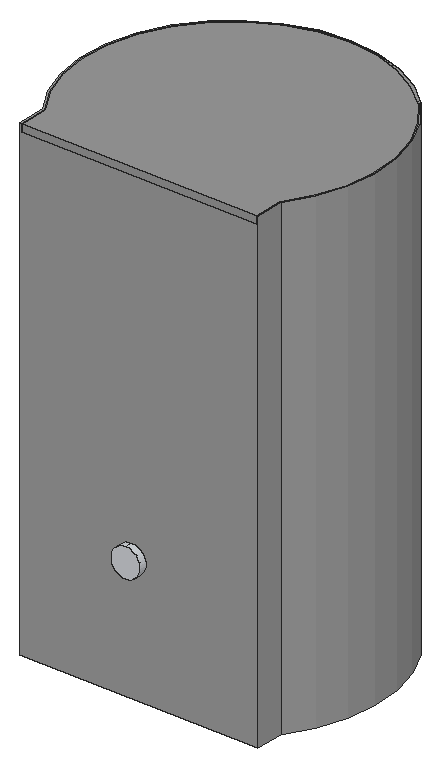
Revit family "MEP Björk Hand Dryer ", category Electrical Equipment, host Wall, Revit 2018
Family settings
  Host = Wall
  Panel Configuration = Two Columns, Circuits Across
  Round Connector Dimension = Use Diameter
  Part Type = Panelboard
  Always vertical = Yes
  Cut with Voids When Loaded = No
  Shared = No
  Room Calculation Point = No
Parameters (values of type "BIANCO MALE")
  Wattage = "Max 1600"
  Voltage = "230"
  URL = "http://www.dandryer.com/en-gb/products/-handdryers"
  Type Image = <None>
  Panel Name [instance] = (empty or 0)
  Offset from floor = 1100 mm
  Model = "Björk-3002"
  Manufacturer = "Dan Dryer"
  Description = "Touch-free hand dryer"
  Cost = 0
Types (6, lengths in mm): name | URL | Panel Name | Model
  BIRK | "http://www.dandryer.dk/da-dk/produkter/produktserie-%E2%80%93-bjork/3002-bjork-haandtoerrer--valgfri-ral-farve" | (empty or 0) | "Björk-3002"
  GEO WHITE | "http://www.dandryer.dk/da-dk/produkter/produktserie-%E2%80%93-bjork/3002-bjork-haandtoerrer--valgfri-ral-farve" | (empty or 0) | "Björk-3002"
  GRIGIO LONDRA | "http://www.dandryer.dk/da-dk/produkter/produktserie-%E2%80%93-bjork/3002-bjork-haandtoerrer--valgfri-ral-farve" | (empty or 0) | "Björk-3002"
  NEGRO INGO | "http://www.dandryer.dk/da-dk/produkter/produktserie-%E2%80%93-bjork/3002-bjork-haandtoerrer--valgfri-ral-farve" | (empty or 0) | "Björk-3002"
  OSLO | 0 | "Dandryer" | "Björk-Serie"
  BIANCO MALE | "http://www.dandryer.com/en-gb/products/-handdryers" | (empty or 0) | "Björk-3002"
Reference planes
  plane 1 "Wall": y = 0
  plane 2 "Center (Left/Right)": x = 125
  plane 3 "Back": y = 75
Forms (mm)
  Extrusion 1, solid, material "Blank Hvid", not visible
    sketch origin (0, 0, 0) x (1, 0, 0) y (0, 1, 0)
      loop
        arc (42.212, 95.366) -> (42.426, 94.946) -> (42.5, 94.481) r 1.5
        line (42.5, 94.481) -> (42.5, 75.3) -> (43.7, 75.3) -> (43.7, 94.481)
        arc (43.7, 94.481) -> (43.567, 95.318) -> (43.181, 96.073) r 2.7
        arc (43.181, 96.073) -> (125, 257.1) -> (206.819, 96.073) r 101.3
        arc (206.819, 96.073) -> (206.433, 95.318) -> (206.3, 94.481) r 2.7
        line (206.3, 94.481) -> (206.3, 75.3) -> (207.5, 75.3) -> (207.5, 94.481)
        arc (207.5, 94.481) -> (207.574, 94.946) -> (207.788, 95.366) r 1.5
        arc (207.788, 95.366) -> (125, 258.3) -> (42.212, 95.366) r 102.5
    from 900 to 1230
  Extrusion 2, void, not visible
    sketch origin (207.5, 94.481, 0) x (0, 1, 0) y (0, 0, -1)
      loop
        line (-19.181, -1225) -> (-19.181, -1230) -> (6.154, -1230)
        arc (6.154, -1230) -> (3.068, -1228.36) -> (2.105, -1225) r 4.47
        line (2.105, -1225) -> (-19.181, -1225)
    from -10.952 to 170.161
  Extrusion 3, void, not visible
    sketch origin (207.5, 94.481, 2130) x (0, 1, 0) y (0, 0, -1)
      loop
        line (-19.181, 1225) -> (2.105, 1225)
        arc (2.105, 1225) -> (3.068, 1228.36) -> (6.154, 1230) r 4.47
        line (6.154, 1230) -> (-19.181, 1230) -> (-19.181, 1225)
    from -6 to 179.451
  Extrusion 4, solid, not visible
    sketch origin (207.5, 75.3, 907) x (0, 1, 0) y (-1, 0, 0)
      loop
        line (0, 163.8) -> (0, 1.2) -> (19.181, 1.2)
        arc (19.181, 1.2) -> (20.018, 1.067) -> (20.773, 0.681) r 2.7
        arc (20.773, 0.681) -> (181.8, 82.5) -> (20.773, 164.319) r 101.3
        arc (20.773, 164.319) -> (20.018, 163.933) -> (19.181, 163.8) r 2.7
        line (19.181, 163.8) -> (0, 163.8)
    from 0 to -2
  Extrusion 5, void, not visible
    sketch origin (206.3, 75.3, 0) x (-1, 0, 0) y (0, 0, 1)
      loop
        arc (83.312, 976) -> (81.303, 978.014) -> (79.288, 976) r 2.012
        line (79.288, 976) -> (79.285, 930)
        arc (79.285, 930) -> (81.297, 927.986) -> (83.312, 930) r 2.012
        line (83.312, 930) -> (83.312, 976)
    from 174.915 to 189.234
  Extrusion 6, solid, not visible
    sketch origin (206.3, 75.3, 0) x (1, 0, 0) y (0, 0, 1)
      loop
        line (-83.312, 975.984) -> (-83.312, 930)
        arc (-83.312, 930) -> (-81.291, 928.118) -> (-79.287, 930.016) r 2.015
        line (-79.287, 930.016) -> (-79.288, 976)
        arc (-79.288, 976) -> (-81.309, 977.882) -> (-83.312, 975.984) r 2.015
    from -182.98 to -174.915
  Extrusion 7, solid, material "RAL FARVE", not visible
    sketch origin (0, 0, 0) x (1, 0, 0) y (0, 1, 0)
      loop
        arc (42.212, 95.366) -> (42.426, 94.946) -> (42.5, 94.481) r 1.5
        line (42.5, 94.481) -> (42.5, 75.3) -> (43.7, 75.3) -> (43.7, 94.481)
        arc (43.7, 94.481) -> (43.567, 95.318) -> (43.181, 96.073) r 2.7
        arc (43.181, 96.073) -> (125, 257.1) -> (206.819, 96.073) r 101.3
        arc (206.819, 96.073) -> (206.433, 95.318) -> (206.3, 94.481) r 2.7
        line (206.3, 94.481) -> (206.3, 75.3) -> (207.5, 75.3) -> (207.5, 94.481)
        arc (207.5, 94.481) -> (207.574, 94.946) -> (207.788, 95.366) r 1.5
        arc (207.788, 95.366) -> (125, 258.3) -> (42.212, 95.366) r 102.5
    from 900 to 1230
  Extrusion 8, solid
    sketch origin (42.5, 75, 1430) x (0, 0, -1) y (1, 0, 0)
      loop
        circle (243.451, 77.322) r 10
    from 0 to 5
Text (mm)
  text "Placement Side" at (-1848.837, 1116.779, 0), in view "Ref. Level"
  text "Placement side" at (0, 1409.804, 2854.306), in view "Left"
  text "Placement side" at (0, 499.811, 2980.732), in view "Right"
Dimensions and locks
  locked: plane 3 "Back" to host wall
  "Offset from floor": level to nested 1
  aligned and locked: plane 1 "Wall" to host wall
  aligned and locked: plane 3 "Back" to nested 1  (x3)
Automatic sketch dimensions
  nested 1 to Extrusion 8 sketch curve = 86.549 mm
  nested 1 to Extrusion 8 sketch curve = 76.122 mm
  radius of Extrusion 8 sketch curve = 10 mm
Nested families
  nested 1: "Master Handdryer" at (125, 75, 1100), type "Master Handdryer"
Connectors
  electrical at (119.823, 70, 1186.549)
    settings: on Extrusion 8, index 1, voltage 230 V, apparent load 0 VA, apparent load phase1 0 VA, apparent load phase2 0 VA, apparent load phase3 0 VA, power factor 1, load classification "Other", number of poles 1, system type 30, power factor state 0, is connector primary yes, connector utility no, sub classification motor no, connector description "Hand Dryer"
Definition of nested family "Master Handdryer"
  Parameters (values of type "Master Handdryer")
    Surface Top = none
    Surface Front = none
  Reference planes
    plane 1 "Center (Front/Back)": y = 0
    plane 2: z = 0
    plane 3 "Center (Left/Right)": x = 0
  Forms (mm)
    Extrusion 1, solid, material <- "Surface Front"
      sketch origin (0, 0, 0) x (1, 0, 0) y (0, 1, 0)
        loop
          arc (82.5, 19.672) -> (0, 183) -> (-82.5, 19.672) r 102.5
          line (-82.5, 19.672) -> (-82.5, 0) -> (82.5, 0) -> (82.5, 19.672)
      from 0 to 330
    Extrusion 2, solid, material <- "Surface Top"
      sketch origin (0, 0, 330) x (1, 0, 0) y (0, 1, 0)
        loop
          arc (81.3, 20.068) -> (0, 181.8) -> (-81.3, 20.068) r 101.3
          line (-81.3, 20.068) -> (-81.3, 0) -> (81.3, 0) -> (81.3, 20.068)
      from 0 to -5
    Extrusion 3, void
      sketch origin (0, 0, 0) x (1, 0, 0) y (0, 1, 0)
        loop
          line (-81.3, 0) -> (81.3, 0) -> (81.3, 20.068)
          arc (81.3, 20.068) -> (0, 181.8) -> (-81.3, 20.068) r 101.3
          line (-81.3, 20.068) -> (-81.3, 0)
      from 325 to 330
  Cuts and joins
    Extrusion 3 cuts Extrusion 1
  Dimensions and locks
    aligned and locked: level to plane 2
